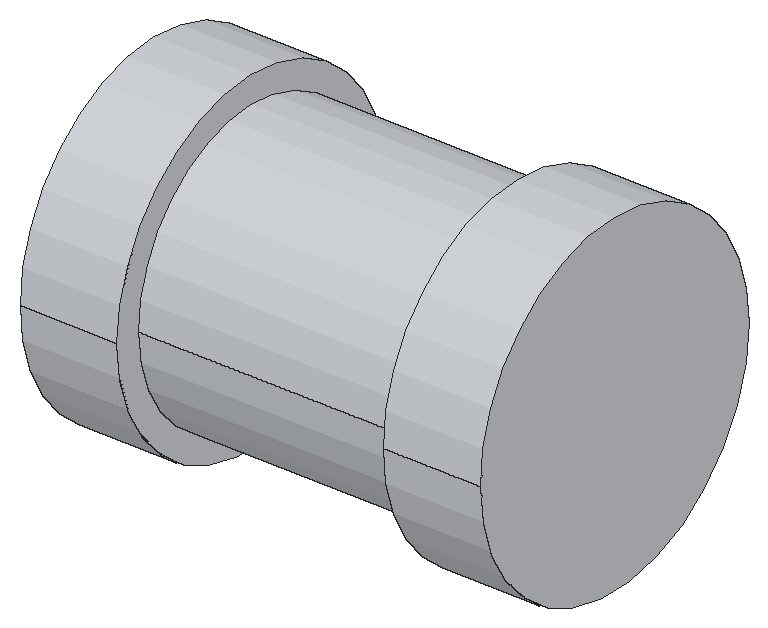
Revit family "M_Coupling - Threaded - MI - Class 150", category Pipe Fittings, Revit 2014
Parameters (values of type "Standard")
  Tick Size [instance] = Fitting Outside Diameter * 0.4  # 5.952 mm
  Lookup Table Name = "M_Coupling - Threaded - MI - Class 150"
  Length [instance] = size_lookup(Lookup Table Name, "Lgt", 0.74 * Nominal Diameter + 23.118 mm, Nominal Diameter)  # 24.2 mm
  Nominal Radius [instance] = 3 mm
  Nominal Diameter [instance] = Nominal Radius * 2  # 6 mm
  Metal Thickness [instance] = size_lookup(Lookup Table Name, "MThk", 0.05 * Nominal Diameter + 2.084 mm, Nominal Diameter)  # 2.29 mm
  Fitting Outside Radius [instance] = Fitting Outside Diameter / 2  # 7.44 mm
  Fitting Outside Diameter [instance] = Fitting Inside Diameter + Metal Thickness * 2  # 14.88 mm
  Fitting Inside Diameter [instance] = size_lookup(Lookup Table Name, "FID", 1.07 * Nominal Diameter + 5.556 mm, Nominal Diameter)  # 10.3 mm
  Band Width [instance] = size_lookup(Lookup Table Name, "BWid", 0.12 * Nominal Diameter + 4.564 mm, Nominal Diameter)  # 5.1 mm
  Band Outside Radius [instance] = Band Outside Diameter / 2  # 8.8 mm
  Band Outside Diameter [instance] = size_lookup(Lookup Table Name, "BOD", 1.23 * Nominal Diameter + 12.402 mm, Nominal Diameter)  # 17.6 mm
  Band Insulation Width [instance] = if((Band Width) * 2 > Length, Length / 2, Band Width)  # 5.1 mm
Reference planes
  plane 1 "Center (Front/Back)": y = 0
  plane 2: z = 0
  plane 3 "Center (Left/Right)": x = 0
  plane 4: x = -7
  plane 5: x = 7
  plane 6: x = -12.1
  plane 7: x = 12.1
  plane 8: x = -7
  plane 9: x = 7
Forms (mm)
  Extrusion 1, solid, detail levels fine
    sketch origin (0, 0, 0) x (0, 1, 0) y (0, 0, 1)
      loop
        circle (0, 0) r 8.8
    from -12.1 to -7
  Extrusion 2, solid, detail levels fine
    sketch origin (0, 0, 0) x (0, 1, 0) y (0, 0, 1)
      loop
        circle (0, 0) r 8.8
    from 7 to 12.1
  Extrusion 3, solid, detail levels fine
    sketch origin (0, 0, 0) x (0, 1, 0) y (0, 0, 1)
      loop
        circle (0, 0) r 7.44
    from -7 to 7
Cuts and joins
  joined: Extrusion 1, Extrusion 2, Extrusion 3
Lines and regions (mm)
  model lines, detail levels coarse+medium
    curve 1: line (12.1, 0, 0) -> (-12.1, 0, 0)
    curve 2: line (-12.1, 5.952, 0) -> (-12.1, -5.952, 0)
    curve 3: line (12.1, 5.952, 0) -> (12.1, -5.952, 0)
Dimensions and locks
  "Band Width": plane 6 to plane 4
  "Band Width": plane 5 to plane 7
  equal spacing: plane 6, plane 3 "Center (Left/Right)", plane 7
  "Length": plane 6 to plane 7
  equal spacing: curve 2, plane 1 "Center (Front/Back)", curve 2
  equal spacing: curve 3, plane 1 "Center (Front/Back)", curve 3
  "Band Insulation Width": plane 6 to plane 8
  "Band Insulation Width": plane 9 to plane 7
  "Tick Size": plane 1 "Center (Front/Back)" to curve 2
  "Tick Size": plane 1 "Center (Front/Back)" to curve 3
  "Band Outside Radius": radius of Extrusion 1 sketch curve
  "Band Outside Radius": radius of Extrusion 2 sketch curve
  "Fitting Outside Radius": radius of Extrusion 3 sketch curve
  aligned and locked: plane 2 to Extrusion 1 sketch curve
  aligned and locked: plane 1 "Center (Front/Back)" to Extrusion 1 sketch curve
  aligned and locked: Extrusion 1 to plane 6
  aligned and locked: plane 4 to Extrusion 1
  aligned and locked: plane 1 "Center (Front/Back)" to Extrusion 2 sketch curve
  aligned and locked: plane 2 to Extrusion 2 sketch curve
  aligned and locked: Extrusion 2 to plane 5
  aligned and locked: plane 7 to Extrusion 2
  aligned and locked: Extrusion 3 to plane 4
  aligned and locked: plane 5 to Extrusion 3
  aligned and locked: plane 7 to curve 1
  aligned and locked: curve 1 to plane 1 "Center (Front/Back)"
  aligned and locked: plane 6 to curve 1
  aligned and locked: curve 2 to plane 6
  aligned and locked: curve 3 to plane 7
Automatic sketch dimensions
  Extrusion 3 sketch curve to level = 0 mm
  Extrusion 3 sketch curve to plane 1 "Center (Front/Back)" = 0 mm
Connectors
  piping at (-12.1, 0, 0), diameter 6, driven by "Nominal Radius"
    settings: on cut or joined group of Extrusion 1, Extrusion 2, Extrusion 3, index 1, connector inside diameter 6 mm, connector length 0 mm, flow factor 0, pipe flow 0.0 L/s, pressure drop 0.0 Pa, fitting loss kfactor 0, connector angle 0.00°, fixture units 0, engagement length 0 mm, angle of deflection 0.00°, flow configuration 0, flow direction 0, fitting loss method 0, system type 28, joint type 0, gender type 0, connector reference index 2, connector utility 0, adjustable connector no, is connector primary yes, connector description ""
  piping at (12.1, 0, 0), diameter 6, driven by "Nominal Radius"
    settings: on cut or joined group of Extrusion 1, Extrusion 2, Extrusion 3, index 2, connector inside diameter 6 mm, connector length 0 mm, flow factor 0, pipe flow 0.0 L/s, pressure drop 0.0 Pa, fitting loss kfactor 0, connector angle 0.00°, fixture units 0, engagement length 0 mm, angle of deflection 0.00°, flow configuration 0, flow direction 0, fitting loss method 0, system type 28, joint type 0, gender type 0, connector reference index 1, connector utility 0, adjustable connector no, is connector primary no, connector description ""
